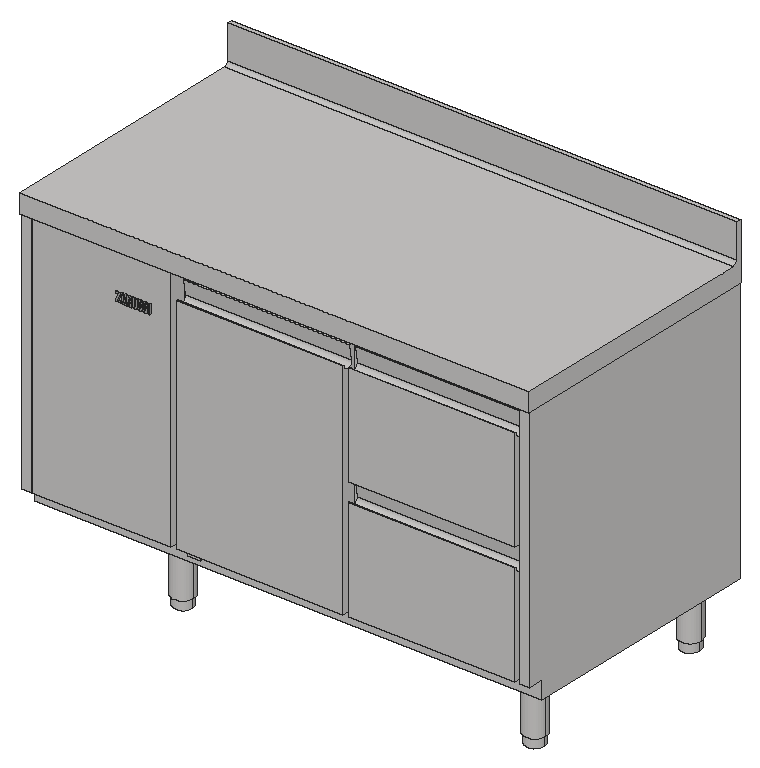
Revit family "QF_ZANUSSI_111026_ZH2H3AB", category Specialty Equipment, Revit 2018 (continued)
Definition of nested family "ZAN_Cooling Unit"
  Lines and regions (mm)
    Split face 123
      outline origin (55.016, 2, -221.122) x (0, 0, 1) y (-1, 0, 0)
        loop
          arc (502.647, 116.535) -> (506.648, 112.533) -> (510.649, 116.535) r 4.001
          line (510.649, 116.535) -> (510.649, 158.547)
    Split face 124
      outline origin (55.016, 2, -233.126) x (0, 0, 1) y (-1, 0, 0)
        loop
          arc (510.649, 158.547) -> (506.648, 162.548) -> (502.647, 158.547) r 4.001
          line (502.647, 158.547) -> (502.647, 116.535)
          arc (502.647, 116.535) -> (506.648, 112.533) -> (510.649, 116.535) r 4.001
          line (510.649, 116.535) -> (510.649, 158.547)
    Split face 125
      outline origin (55.016, 2, -245.129) x (0, 0, 1) y (-1, 0, 0)
        loop
          arc (510.649, 158.547) -> (506.648, 162.548) -> (502.647, 158.547) r 4.001
          line (502.647, 158.547) -> (502.647, 116.535)
          arc (502.647, 116.535) -> (506.648, 112.533) -> (510.649, 116.535) r 4.001
          line (510.649, 116.535) -> (510.649, 158.547)
    Split face 126
      outline origin (55.016, 2, -257.133) x (0, 0, 1) y (-1, 0, 0)
        loop
          arc (510.649, 158.547) -> (506.648, 162.548) -> (502.647, 158.547) r 4.001
          line (502.647, 158.547) -> (502.647, 116.535)
          arc (502.647, 116.535) -> (506.648, 112.533) -> (510.649, 116.535) r 4.001
          line (510.649, 116.535) -> (510.649, 158.547)
    Split face 127
      outline origin (55.016, 2, -269.136) x (0, 0, 1) y (-1, 0, 0)
        loop
          arc (510.649, 158.547) -> (506.648, 162.548) -> (502.647, 158.547) r 4.001
          line (502.647, 158.547) -> (502.647, 116.535)
          arc (502.647, 116.535) -> (506.648, 112.533) -> (510.649, 116.535) r 4.001
          line (510.649, 116.535) -> (510.649, 158.547)
    Split face 128
      outline origin (55.016, 2, -281.14) x (0, 0, 1) y (-1, 0, 0)
        loop
          arc (510.649, 158.547) -> (506.648, 162.548) -> (502.647, 158.547) r 4.001
          line (502.647, 158.547) -> (502.647, 116.535)
          arc (502.647, 116.535) -> (506.648, 112.533) -> (510.649, 116.535) r 4.001
          line (510.649, 116.535) -> (510.649, 158.547)
    Split face 129
      outline origin (55.016, 2, -293.144) x (0, 0, 1) y (-1, 0, 0)
        loop
          arc (510.649, 158.547) -> (506.648, 162.548) -> (502.647, 158.547) r 4.001
          line (502.647, 158.547) -> (502.647, 116.535)
          arc (502.647, 116.535) -> (506.648, 112.533) -> (510.649, 116.535) r 4.001
          line (510.649, 116.535) -> (510.649, 158.547)
    Split face 130
      outline origin (110.032, 2, -113.091) x (0, 0, 1) y (-1, 0, 0)
        loop
          arc (510.649, 158.547) -> (506.648, 162.548) -> (502.647, 158.547) r 4.001
          line (502.647, 158.547) -> (502.647, 116.535)
          arc (502.647, 116.535) -> (506.648, 112.533) -> (510.649, 116.535) r 4.001
          line (510.649, 116.535) -> (510.649, 158.547)
    Split face 131
      outline origin (110.032, 2, -125.094) x (0, 0, 1) y (-1, 0, 0)
        loop
          arc (510.649, 158.547) -> (506.648, 162.548) -> (502.647, 158.547) r 4.001
          line (502.647, 158.547) -> (502.647, 116.535)
          arc (502.647, 116.535) -> (506.648, 112.533) -> (510.649, 116.535) r 4.001
          line (510.649, 116.535) -> (510.649, 158.547)
    Split face 132
      outline origin (110.032, 2, -137.098) x (0, 0, 1) y (-1, 0, 0)
        loop
          arc (510.649, 158.547) -> (506.648, 162.548) -> (502.647, 158.547) r 4.001
          line (502.647, 158.547) -> (502.647, 116.535)
          arc (502.647, 116.535) -> (506.648, 112.533) -> (510.649, 116.535) r 4.001
          line (510.649, 116.535) -> (510.649, 158.547)
    Split face 133
      outline origin (110.032, 2, -149.101) x (0, 0, 1) y (-1, 0, 0)
        loop
          arc (510.649, 158.547) -> (506.648, 162.548) -> (502.647, 158.547) r 4.001
          line (502.647, 158.547) -> (502.647, 116.535)
          arc (502.647, 116.535) -> (506.648, 112.533) -> (510.649, 116.535) r 4.001
          line (510.649, 116.535) -> (510.649, 158.547)
    Split face 134
      outline origin (110.032, 2, -161.105) x (0, 0, 1) y (-1, 0, 0)
        loop
          arc (510.649, 158.547) -> (506.648, 162.548) -> (502.647, 158.547) r 4.001
          line (502.647, 158.547) -> (502.647, 116.535)
          arc (502.647, 116.535) -> (506.648, 112.533) -> (510.649, 116.535) r 4.001
          line (510.649, 116.535) -> (510.649, 158.547)
    Split face 135
      outline origin (110.032, 2, -173.108) x (0, 0, 1) y (-1, 0, 0)
        loop
          arc (510.649, 158.547) -> (506.648, 162.548) -> (502.647, 158.547) r 4.001
          line (502.647, 158.547) -> (502.647, 116.535)
          arc (502.647, 116.535) -> (506.648, 112.533) -> (510.649, 116.535) r 4.001
          line (510.649, 116.535) -> (510.649, 158.547)
    Split face 136
      outline origin (110.032, 2, -185.112) x (0, 0, 1) y (-1, 0, 0)
        loop
          arc (510.649, 158.547) -> (506.648, 162.548) -> (502.647, 158.547) r 4.001
          line (502.647, 158.547) -> (502.647, 116.535)
          arc (502.647, 116.535) -> (506.648, 112.533) -> (510.649, 116.535) r 4.001
          line (510.649, 116.535) -> (510.649, 158.547)
    Split face 137
      outline origin (110.032, 2, -197.115) x (0, 0, 1) y (-1, 0, 0)
        loop
          arc (510.649, 158.547) -> (506.648, 162.548) -> (502.647, 158.547) r 4.001
          line (502.647, 158.547) -> (502.647, 116.535)
          arc (502.647, 116.535) -> (506.648, 112.533) -> (510.649, 116.535) r 4.001
          line (510.649, 116.535) -> (510.649, 158.547)
    Split face 138
      outline origin (110.032, 2, -209.119) x (0, 0, 1) y (-1, 0, 0)
        loop
          arc (510.649, 158.547) -> (506.648, 162.548) -> (502.647, 158.547) r 4.001
          line (502.647, 158.547) -> (502.647, 116.535)
          arc (502.647, 116.535) -> (506.648, 112.533) -> (510.649, 116.535) r 4.001
          line (510.649, 116.535) -> (510.649, 158.547)
    Split face 139
      outline origin (110.032, 2, -221.122) x (0, 0, 1) y (-1, 0, 0)
        loop
          arc (510.649, 158.547) -> (506.648, 162.548) -> (502.647, 158.547) r 4.001
          line (502.647, 158.547) -> (502.647, 116.535)
          arc (502.647, 116.535) -> (506.648, 112.533) -> (510.649, 116.535) r 4.001
          line (510.649, 116.535) -> (510.649, 158.547)
    Split face 140
      outline origin (110.032, 2, -233.126) x (0, 0, 1) y (-1, 0, 0)
        loop
          arc (510.649, 158.547) -> (506.648, 162.548) -> (502.647, 158.547) r 4.001
          line (502.647, 158.547) -> (502.647, 116.535)
          arc (502.647, 116.535) -> (506.648, 112.533) -> (510.649, 116.535) r 4.001
          line (510.649, 116.535) -> (510.649, 158.547)
    Split face 141
      outline origin (110.032, 2, -245.129) x (0, 0, 1) y (-1, 0, 0)
        loop
          arc (510.649, 158.547) -> (506.648, 162.548) -> (502.647, 158.547) r 4.001
          line (502.647, 158.547) -> (502.647, 116.535)
          arc (502.647, 116.535) -> (506.648, 112.533) -> (510.649, 116.535) r 4.001
          line (510.649, 116.535) -> (510.649, 158.547)
    Split face 142
      outline origin (110.032, 2, -257.133) x (0, 0, 1) y (-1, 0, 0)
        loop
          arc (510.649, 158.547) -> (506.648, 162.548) -> (502.647, 158.547) r 4.001
          line (502.647, 158.547) -> (502.647, 116.535)
          arc (502.647, 116.535) -> (506.648, 112.533) -> (510.649, 116.535) r 4.001
          line (510.649, 116.535) -> (510.649, 158.547)
    Split face 143
      outline origin (110.032, 2, -269.136) x (0, 0, 1) y (-1, 0, 0)
        loop
          arc (510.649, 158.547) -> (506.648, 162.548) -> (502.647, 158.547) r 4.001
          line (502.647, 158.547) -> (502.647, 116.535)
          arc (502.647, 116.535) -> (506.648, 112.533) -> (510.649, 116.535) r 4.001
          line (510.649, 116.535) -> (510.649, 158.547)
    Split face 144
      outline origin (110.032, 2, -281.14) x (0, 0, 1) y (-1, 0, 0)
        loop
          arc (510.649, 158.547) -> (506.648, 162.548) -> (502.647, 158.547) r 4.001
          line (502.647, 158.547) -> (502.647, 116.535)
          arc (502.647, 116.535) -> (506.648, 112.533) -> (510.649, 116.535) r 4.001
          line (510.649, 116.535) -> (510.649, 158.547)
    Split face 145
      outline origin (110.032, 2, -293.144) x (0, 0, 1) y (-1, 0, 0)
        loop
          arc (510.649, 158.547) -> (506.648, 162.548) -> (502.647, 158.547) r 4.001
          line (502.647, 158.547) -> (502.647, 116.535)
          arc (502.647, 116.535) -> (506.648, 112.533) -> (510.649, 116.535) r 4.001
          line (510.649, 116.535) -> (510.649, 158.547)
    Split face 146
      outline origin (165.048, 2, -113.091) x (0, 0, 1) y (-1, 0, 0)
        loop
          arc (510.649, 158.547) -> (506.648, 162.548) -> (502.647, 158.547) r 4.001
          line (502.647, 158.547) -> (502.647, 116.535)
          arc (502.647, 116.535) -> (506.648, 112.533) -> (510.649, 116.535) r 4.001
          line (510.649, 116.535) -> (510.649, 158.547)
    Split face 147
      outline origin (165.048, 2, -125.094) x (0, 0, 1) y (-1, 0, 0)
        loop
          arc (510.649, 158.547) -> (506.648, 162.548) -> (502.647, 158.547) r 4.001
          line (502.647, 158.547) -> (502.647, 116.535)
          arc (502.647, 116.535) -> (506.648, 112.533) -> (510.649, 116.535) r 4.001
          line (510.649, 116.535) -> (510.649, 158.547)
    Split face 148
      outline origin (165.048, 2, -137.098) x (0, 0, 1) y (-1, 0, 0)
        loop
          arc (510.649, 158.547) -> (506.648, 162.548) -> (502.647, 158.547) r 4.001
          line (502.647, 158.547) -> (502.647, 116.535)
          arc (502.647, 116.535) -> (506.648, 112.533) -> (510.649, 116.535) r 4.001
          line (510.649, 116.535) -> (510.649, 158.547)
    Split face 149
      outline origin (165.048, 2, -149.101) x (0, 0, 1) y (-1, 0, 0)
        loop
          arc (510.649, 158.547) -> (506.648, 162.548) -> (502.647, 158.547) r 4.001
          line (502.647, 158.547) -> (502.647, 116.535)
          arc (502.647, 116.535) -> (506.648, 112.533) -> (510.649, 116.535) r 4.001
          line (510.649, 116.535) -> (510.649, 158.547)
    Split face 150
      outline origin (165.048, 2, -161.105) x (0, 0, 1) y (-1, 0, 0)
        loop
          arc (510.649, 158.547) -> (506.648, 162.548) -> (502.647, 158.547) r 4.001
          line (502.647, 158.547) -> (502.647, 116.535)
          arc (502.647, 116.535) -> (506.648, 112.533) -> (510.649, 116.535) r 4.001
          line (510.649, 116.535) -> (510.649, 158.547)
    Split face 151
      outline origin (165.048, 2, -173.108) x (0, 0, 1) y (-1, 0, 0)
        loop
          arc (510.649, 158.547) -> (506.648, 162.548) -> (502.647, 158.547) r 4.001
          line (502.647, 158.547) -> (502.647, 116.535)
          arc (502.647, 116.535) -> (506.648, 112.533) -> (510.649, 116.535) r 4.001
          line (510.649, 116.535) -> (510.649, 158.547)
    Split face 152
      outline origin (165.048, 2, -185.112) x (0, 0, 1) y (-1, 0, 0)
        loop
          arc (510.649, 158.547) -> (506.648, 162.548) -> (502.647, 158.547) r 4.001
          line (502.647, 158.547) -> (502.647, 116.535)
          arc (502.647, 116.535) -> (506.648, 112.533) -> (510.649, 116.535) r 4.001
          line (510.649, 116.535) -> (510.649, 158.547)
    Split face 153
      outline origin (165.048, 2, -197.115) x (0, 0, 1) y (-1, 0, 0)
        loop
          arc (510.649, 158.547) -> (506.648, 162.548) -> (502.647, 158.547) r 4.001
          line (502.647, 158.547) -> (502.647, 116.535)
          arc (502.647, 116.535) -> (506.648, 112.533) -> (510.649, 116.535) r 4.001
          line (510.649, 116.535) -> (510.649, 158.547)
    Split face 154
      outline origin (165.048, 2, -209.119) x (0, 0, 1) y (-1, 0, 0)
        loop
          arc (510.649, 158.547) -> (506.648, 162.548) -> (502.647, 158.547) r 4.001
          line (502.647, 158.547) -> (502.647, 116.535)
          arc (502.647, 116.535) -> (506.648, 112.533) -> (510.649, 116.535) r 4.001
          line (510.649, 116.535) -> (510.649, 158.547)
    Split face 155
      outline origin (165.048, 2, -221.122) x (0, 0, 1) y (-1, 0, 0)
        loop
          arc (510.649, 158.547) -> (506.648, 162.548) -> (502.647, 158.547) r 4.001
          line (502.647, 158.547) -> (502.647, 116.535)
          arc (502.647, 116.535) -> (506.648, 112.533) -> (510.649, 116.535) r 4.001
          line (510.649, 116.535) -> (510.649, 158.547)
    Split face 156
      outline origin (165.048, 2, -233.126) x (0, 0, 1) y (-1, 0, 0)
        loop
          arc (510.649, 158.547) -> (506.648, 162.548) -> (502.647, 158.547) r 4.001
          line (502.647, 158.547) -> (502.647, 116.535)
          arc (502.647, 116.535) -> (506.648, 112.533) -> (510.649, 116.535) r 4.001
          line (510.649, 116.535) -> (510.649, 158.547)
    Split face 157
      outline origin (165.048, 2, -245.129) x (0, 0, 1) y (-1, 0, 0)
        loop
          arc (510.649, 158.547) -> (506.648, 162.548) -> (502.647, 158.547) r 4.001
          line (502.647, 158.547) -> (502.647, 116.535)
          arc (502.647, 116.535) -> (506.648, 112.533) -> (510.649, 116.535) r 4.001
          line (510.649, 116.535) -> (510.649, 158.547)
    Split face 158
      outline origin (165.048, 2, -257.133) x (0, 0, 1) y (-1, 0, 0)
        loop
          arc (510.649, 158.547) -> (506.648, 162.548) -> (502.647, 158.547) r 4.001
          line (502.647, 158.547) -> (502.647, 116.535)
          arc (502.647, 116.535) -> (506.648, 112.533) -> (510.649, 116.535) r 4.001
          line (510.649, 116.535) -> (510.649, 158.547)
    Split face 159
      outline origin (165.048, 2, -269.136) x (0, 0, 1) y (-1, 0, 0)
        loop
          arc (510.649, 158.547) -> (506.648, 162.548) -> (502.647, 158.547) r 4.001
          line (502.647, 158.547) -> (502.647, 116.535)
          arc (502.647, 116.535) -> (506.648, 112.533) -> (510.649, 116.535) r 4.001
          line (510.649, 116.535) -> (510.649, 158.547)
    Split face 160
      outline origin (165.048, 2, -281.14) x (0, 0, 1) y (-1, 0, 0)
        loop
          arc (510.649, 158.547) -> (506.648, 162.548) -> (502.647, 158.547) r 4.001
          line (502.647, 158.547) -> (502.647, 116.535)
          arc (502.647, 116.535) -> (506.648, 112.533) -> (510.649, 116.535) r 4.001
          line (510.649, 116.535) -> (510.649, 158.547)
    Split face 161
      outline origin (165.048, 2, -293.144) x (0, 0, 1) y (-1, 0, 0)
        loop
          arc (510.649, 158.547) -> (506.648, 162.548) -> (502.647, 158.547) r 4.001
          line (502.647, 158.547) -> (502.647, 116.535)
          arc (502.647, 116.535) -> (506.648, 112.533) -> (510.649, 116.535) r 4.001
          line (510.649, 116.535) -> (510.649, 158.547)
    Split face 162
      outline origin (220.064, 2, -113.091) x (0, 0, 1) y (-1, 0, 0)
        loop
          arc (510.649, 158.547) -> (506.648, 162.548) -> (502.647, 158.547) r 4.001
          line (502.647, 158.547) -> (502.647, 116.535)
          arc (502.647, 116.535) -> (506.648, 112.533) -> (510.649, 116.535) r 4.001
          line (510.649, 116.535) -> (510.649, 158.547)
    Split face 163
      outline origin (220.064, 2, -125.094) x (0, 0, 1) y (-1, 0, 0)
        loop
          arc (510.649, 158.547) -> (506.648, 162.548) -> (502.647, 158.547) r 4.001
          line (502.647, 158.547) -> (502.647, 116.535)
          arc (502.647, 116.535) -> (506.648, 112.533) -> (510.649, 116.535) r 4.001
          line (510.649, 116.535) -> (510.649, 158.547)
    Split face 164
      outline origin (220.064, 2, -137.098) x (0, 0, 1) y (-1, 0, 0)
        loop
          arc (510.649, 158.547) -> (506.648, 162.548) -> (502.647, 158.547) r 4.001
          line (502.647, 158.547) -> (502.647, 116.535)
          arc (502.647, 116.535) -> (506.648, 112.533) -> (510.649, 116.535) r 4.001
          line (510.649, 116.535) -> (510.649, 158.547)
    Split face 165
      outline origin (220.064, 2, -149.101) x (0, 0, 1) y (-1, 0, 0)
        loop
          arc (510.649, 158.547) -> (506.648, 162.548) -> (502.647, 158.547) r 4.001
          line (502.647, 158.547) -> (502.647, 116.535)
          arc (502.647, 116.535) -> (506.648, 112.533) -> (510.649, 116.535) r 4.001
          line (510.649, 116.535) -> (510.649, 158.547)
    Split face 166
      outline origin (220.064, 2, -161.105) x (0, 0, 1) y (-1, 0, 0)
        loop
          arc (510.649, 158.547) -> (506.648, 162.548) -> (502.647, 158.547) r 4.001
          line (502.647, 158.547) -> (502.647, 116.535)
          arc (502.647, 116.535) -> (506.648, 112.533) -> (510.649, 116.535) r 4.001
          line (510.649, 116.535) -> (510.649, 158.547)
    Split face 167
      outline origin (220.064, 2, -173.108) x (0, 0, 1) y (-1, 0, 0)
        loop
          arc (510.649, 158.547) -> (506.648, 162.548) -> (502.647, 158.547) r 4.001
          line (502.647, 158.547) -> (502.647, 116.535)
          arc (502.647, 116.535) -> (506.648, 112.533) -> (510.649, 116.535) r 4.001
          line (510.649, 116.535) -> (510.649, 158.547)
    Split face 168
      outline origin (220.064, 2, -185.112) x (0, 0, 1) y (-1, 0, 0)
        loop
          arc (510.649, 158.547) -> (506.648, 162.548) -> (502.647, 158.547) r 4.001
          line (502.647, 158.547) -> (502.647, 116.535)
          arc (502.647, 116.535) -> (506.648, 112.533) -> (510.649, 116.535) r 4.001
          line (510.649, 116.535) -> (510.649, 158.547)
    Split face 169
      outline origin (220.064, 2, -197.115) x (0, 0, 1) y (-1, 0, 0)
        loop
          arc (510.649, 158.547) -> (506.648, 162.548) -> (502.647, 158.547) r 4.001
          line (502.647, 158.547) -> (502.647, 116.535)
          arc (502.647, 116.535) -> (506.648, 112.533) -> (510.649, 116.535) r 4.001
          line (510.649, 116.535) -> (510.649, 158.547)
    Split face 170
      outline origin (220.064, 2, -209.119) x (0, 0, 1) y (-1, 0, 0)
        loop
          arc (510.649, 158.547) -> (506.648, 162.548) -> (502.647, 158.547) r 4.001
          line (502.647, 158.547) -> (502.647, 116.535)
          arc (502.647, 116.535) -> (506.648, 112.533) -> (510.649, 116.535) r 4.001
          line (510.649, 116.535) -> (510.649, 158.547)
    Split face 171
      outline origin (220.064, 2, -221.122) x (0, 0, 1) y (-1, 0, 0)
        loop
          arc (510.649, 158.547) -> (506.648, 162.548) -> (502.647, 158.547) r 4.001
          line (502.647, 158.547) -> (502.647, 116.535)
          arc (502.647, 116.535) -> (506.648, 112.533) -> (510.649, 116.535) r 4.001
          line (510.649, 116.535) -> (510.649, 158.547)
    Split face 172
      outline origin (220.064, 2, -233.126) x (0, 0, 1) y (-1, 0, 0)
        loop
          arc (510.649, 158.547) -> (506.648, 162.548) -> (502.647, 158.547) r 4.001
          line (502.647, 158.547) -> (502.647, 116.535)
          arc (502.647, 116.535) -> (506.648, 112.533) -> (510.649, 116.535) r 4.001
          line (510.649, 116.535) -> (510.649, 158.547)
    Split face 173
      outline origin (220.064, 2, -245.129) x (0, 0, 1) y (-1, 0, 0)
        loop
          arc (510.649, 158.547) -> (506.648, 162.548) -> (502.647, 158.547) r 4.001
          line (502.647, 158.547) -> (502.647, 116.535)
          arc (502.647, 116.535) -> (506.648, 112.533) -> (510.649, 116.535) r 4.001
          line (510.649, 116.535) -> (510.649, 158.547)
    Split face 174
      outline origin (220.064, 2, -257.133) x (0, 0, 1) y (-1, 0, 0)
        loop
          arc (510.649, 158.547) -> (506.648, 162.548) -> (502.647, 158.547) r 4.001
          line (502.647, 158.547) -> (502.647, 116.535)
          arc (502.647, 116.535) -> (506.648, 112.533) -> (510.649, 116.535) r 4.001
          line (510.649, 116.535) -> (510.649, 158.547)
    Split face 175
      outline origin (220.064, 2, -269.136) x (0, 0, 1) y (-1, 0, 0)
        loop
          arc (510.649, 158.547) -> (506.648, 162.548) -> (502.647, 158.547) r 4.001
          line (502.647, 158.547) -> (502.647, 116.535)
          arc (502.647, 116.535) -> (506.648, 112.533) -> (510.649, 116.535) r 4.001
          line (510.649, 116.535) -> (510.649, 158.547)
    Split face 176
      outline origin (220.064, 2, -281.14) x (0, 0, 1) y (-1, 0, 0)
        loop
          arc (510.649, 158.547) -> (506.648, 162.548) -> (502.647, 158.547) r 4.001
          line (502.647, 158.547) -> (502.647, 116.535)
          arc (502.647, 116.535) -> (506.648, 112.533) -> (510.649, 116.535) r 4.001
          line (510.649, 116.535) -> (510.649, 158.547)
    Split face 177
      outline origin (220.064, 2, -293.144) x (0, 0, 1) y (-1, 0, 0)
        loop
          arc (510.649, 158.547) -> (506.648, 162.548) -> (502.647, 158.547) r 4.001
          line (502.647, 158.547) -> (502.647, 116.535)
          arc (502.647, 116.535) -> (506.648, 112.533) -> (510.649, 116.535) r 4.001
          line (510.649, 116.535) -> (510.649, 158.547)
    Split face 178
      outline origin (275.081, 2, -113.091) x (0, 0, 1) y (-1, 0, 0)
        loop
          arc (510.649, 158.547) -> (506.648, 162.548) -> (502.647, 158.547) r 4.001
          line (502.647, 158.547) -> (502.647, 116.535)
          arc (502.647, 116.535) -> (506.648, 112.533) -> (510.649, 116.535) r 4.001
          line (510.649, 116.535) -> (510.649, 158.547)
    Split face 179
      outline origin (275.081, 2, -125.094) x (0, 0, 1) y (-1, 0, 0)
        loop
          arc (510.649, 158.547) -> (506.648, 162.548) -> (502.647, 158.547) r 4.001
          line (502.647, 158.547) -> (502.647, 116.535)
          arc (502.647, 116.535) -> (506.648, 112.533) -> (510.649, 116.535) r 4.001
          line (510.649, 116.535) -> (510.649, 158.547)
    Split face 180
      outline origin (275.081, 2, -137.098) x (0, 0, 1) y (-1, 0, 0)
        loop
          arc (510.649, 158.547) -> (506.648, 162.548) -> (502.647, 158.547) r 4.001
          line (502.647, 158.547) -> (502.647, 116.535)
          arc (502.647, 116.535) -> (506.648, 112.533) -> (510.649, 116.535) r 4.001
          line (510.649, 116.535) -> (510.649, 158.547)
    Split face 181
      outline origin (275.081, 2, -149.101) x (0, 0, 1) y (-1, 0, 0)
        loop
          arc (510.649, 158.547) -> (506.648, 162.548) -> (502.647, 158.547) r 4.001
          line (502.647, 158.547) -> (502.647, 116.535)
          arc (502.647, 116.535) -> (506.648, 112.533) -> (510.649, 116.535) r 4.001
          line (510.649, 116.535) -> (510.649, 158.547)
    Split face 182
      outline origin (275.081, 2, -161.105) x (0, 0, 1) y (-1, 0, 0)
        loop
          arc (510.649, 158.547) -> (506.648, 162.548) -> (502.647, 158.547) r 4.001
          line (502.647, 158.547) -> (502.647, 116.535)
          arc (502.647, 116.535) -> (506.648, 112.533) -> (510.649, 116.535) r 4.001
          line (510.649, 116.535) -> (510.649, 158.547)
    Split face 183
      outline origin (275.081, 2, -173.108) x (0, 0, 1) y (-1, 0, 0)
        loop
          arc (510.649, 158.547) -> (506.648, 162.548) -> (502.647, 158.547) r 4.001
          line (502.647, 158.547) -> (502.647, 116.535)
          arc (502.647, 116.535) -> (506.648, 112.533) -> (510.649, 116.535) r 4.001
          line (510.649, 116.535) -> (510.649, 158.547)
    Split face 184
      outline origin (275.081, 2, -185.112) x (0, 0, 1) y (-1, 0, 0)
        loop
          arc (510.649, 158.547) -> (506.648, 162.548) -> (502.647, 158.547) r 4.001
          line (502.647, 158.547) -> (502.647, 116.535)
          arc (502.647, 116.535) -> (506.648, 112.533) -> (510.649, 116.535) r 4.001
          line (510.649, 116.535) -> (510.649, 158.547)
    Split face 185
      outline origin (275.081, 2, -197.115) x (0, 0, 1) y (-1, 0, 0)
        loop
          arc (510.649, 158.547) -> (506.648, 162.548) -> (502.647, 158.547) r 4.001
          line (502.647, 158.547) -> (502.647, 116.535)
          arc (502.647, 116.535) -> (506.648, 112.533) -> (510.649, 116.535) r 4.001
          line (510.649, 116.535) -> (510.649, 158.547)
    Split face 186
      outline origin (275.081, 2, -209.119) x (0, 0, 1) y (-1, 0, 0)
        loop
          arc (510.649, 158.547) -> (506.648, 162.548) -> (502.647, 158.547) r 4.001
          line (502.647, 158.547) -> (502.647, 116.535)
          arc (502.647, 116.535) -> (506.648, 112.533) -> (510.649, 116.535) r 4.001
          line (510.649, 116.535) -> (510.649, 158.547)
    Split face 187
      outline origin (275.081, 2, -221.122) x (0, 0, 1) y (-1, 0, 0)
        loop
          arc (510.649, 158.547) -> (506.648, 162.548) -> (502.647, 158.547) r 4.001
          line (502.647, 158.547) -> (502.647, 116.535)
          arc (502.647, 116.535) -> (506.648, 112.533) -> (510.649, 116.535) r 4.001
          line (510.649, 116.535) -> (510.649, 158.547)
    Split face 188
      outline origin (275.081, 2, -233.126) x (0, 0, 1) y (-1, 0, 0)
        loop
          arc (510.649, 158.547) -> (506.648, 162.548) -> (502.647, 158.547) r 4.001
          line (502.647, 158.547) -> (502.647, 116.535)
          arc (502.647, 116.535) -> (506.648, 112.533) -> (510.649, 116.535) r 4.001
          line (510.649, 116.535) -> (510.649, 158.547)
    Split face 189
      outline origin (275.081, 2, -245.129) x (0, 0, 1) y (-1, 0, 0)
        loop
          arc (510.649, 158.547) -> (506.648, 162.548) -> (502.647, 158.547) r 4.001
          line (502.647, 158.547) -> (502.647, 116.535)
          arc (502.647, 116.535) -> (506.648, 112.533) -> (510.649, 116.535) r 4.001
          line (510.649, 116.535) -> (510.649, 158.547)
    Split face 190
      outline origin (275.081, 2, -257.133) x (0, 0, 1) y (-1, 0, 0)
        loop
          arc (510.649, 158.547) -> (506.648, 162.548) -> (502.647, 158.547) r 4.001
          line (502.647, 158.547) -> (502.647, 116.535)
          arc (502.647, 116.535) -> (506.648, 112.533) -> (510.649, 116.535) r 4.001
          line (510.649, 116.535) -> (510.649, 158.547)
    Split face 191
      outline origin (275.081, 2, -269.136) x (0, 0, 1) y (-1, 0, 0)
        loop
          arc (510.649, 158.547) -> (506.648, 162.548) -> (502.647, 158.547) r 4.001
          line (502.647, 158.547) -> (502.647, 116.535)
          arc (502.647, 116.535) -> (506.648, 112.533) -> (510.649, 116.535) r 4.001
          line (510.649, 116.535) -> (510.649, 158.547)
    Split face 192
      outline origin (275.081, 2, -281.14) x (0, 0, 1) y (-1, 0, 0)
        loop
          arc (510.649, 158.547) -> (506.648, 162.548) -> (502.647, 158.547) r 4.001
          line (502.647, 158.547) -> (502.647, 116.535)
          arc (502.647, 116.535) -> (506.648, 112.533) -> (510.649, 116.535) r 4.001
          line (510.649, 116.535) -> (510.649, 158.547)
    Split face 193
      outline origin (275.081, 2, -293.144) x (0, 0, 1) y (-1, 0, 0)
        loop
          arc (510.649, 158.547) -> (506.648, 162.548) -> (502.647, 158.547) r 4.001
          line (502.647, 158.547) -> (502.647, 116.535)
          arc (502.647, 116.535) -> (506.648, 112.533) -> (510.649, 116.535) r 4.001
          line (510.649, 116.535) -> (510.649, 158.547)
    Split face 194
      outline origin (0, 2, 197) x (0, 0, 1) y (-1, 0, 0)
        loop
          spline (566.835, 20.381) -> (564.628, 19.058) -> (561.987, 18.027) -> (558.955, 17.386) -> (555.581, 17.244) -> (551.912, 17.703) -> (547.993, 18.863) -> (543.871, 20.83) -> (539.591, 23.706) -> (535.202, 27.594) -> (530.748, 32.597) -> (526.28, 38.824) -> (521.835, 46.362)
        loop
          spline (521.835, 58.392) -> (525.386, 49.242) -> (529.197, 41.481) -> (533.2, 35.023) -> (537.329, 29.786) -> (541.516, 25.684) -> (545.695, 22.634) -> (549.798, 20.552) -> (553.759, 19.355) -> (557.511, 18.958) -> (560.984, 19.275) -> (564.115, 20.227) -> (566.835, 21.726)
    Split face 195
      outline origin (0, 2, 197) x (0, 0, 1) y (-1, 0, 0)
        loop
          line (555.835, 149.5) -> (532.835, 149.5) -> (532.835, 94.5) -> (555.835, 94.5) -> (555.835, 149.5)
  Dimensions and locks
    aligned and locked: level to plane 2
  Nested families
    nested 1: "ZAN_Logo_S_Grey" at (85, 2, 741.213) x (1, 0, 0) z (0, -1, 0), visible <- "Show Logo", type "ZAN_Logo_S_Grey"
  Definition of nested family "ZAN_Logo_S_Grey"
    Parameters
      Default Elevation = 0 mm
    Reference planes
      plane 1 "Centro (Fronte/Retro)": y = 0
      plane 2: z = 0
      plane 3 "Centro (Sinistra/Destra)": x = 0
    Forms (mm)
      Extrusion 1, solid
        sketch origin (0, 0, 0) x (1, 0, 0) y (0, 1, 0)
          loop
            line (-1219.2, 1219.2) -> (-1219.2, -1219.2) -> (1219.2, -1219.2) -> (1219.2, 1219.2) -> (-1219.2, 1219.2)
        from 0 to -304.8
      Extrusion 2, solid
        sketch origin (17.793, -46.218, 0) x (-1, 0, 0) y (0, -1, 0)
          loop
            spline (-4.176, -58.079) -> (-3.496, -58.328) -> (-2.793, -58.512) -> (-2.075, -58.63) -> (-1.348, -58.682) -> (-0.619, -58.669) -> (0.106, -58.588) -> (0.818, -58.44) -> (1.512, -58.225) -> (2.18, -57.941) -> (2.817, -57.589) -> (3.414, -57.167) -> (3.966, -56.676)
            spline (3.966, -56.676) -> (4.293, -56.162) -> (4.575, -55.61) -> (4.81, -55.026) -> (5, -54.419) -> (5.146, -53.797) -> (5.247, -53.166) -> (5.304, -52.536) -> (5.318, -51.913) -> (5.288, -51.306) -> (5.217, -50.723) -> (5.103, -50.17) -> (4.949, -49.657)
            line (4.949, -49.657) -> (2.702, -46.428) -> (0.316, -44.323)
            spline (0.316, -44.323) -> (0.065, -44.115) -> (-0.195, -43.909) -> (-0.46, -43.704) -> (-0.729, -43.496) -> (-0.997, -43.282) -> (-1.263, -43.059) -> (-1.523, -42.825) -> (-1.774, -42.576) -> (-2.013, -42.309) -> (-2.238, -42.022) -> (-2.445, -41.712) -> (-2.632, -41.375)
            spline (-2.632, -41.375) -> (-2.666, -41.159) -> (-2.697, -40.934) -> (-2.722, -40.701) -> (-2.736, -40.465) -> (-2.736, -40.227) -> (-2.72, -39.989) -> (-2.682, -39.754) -> (-2.621, -39.524) -> (-2.533, -39.302) -> (-2.414, -39.091) -> (-2.261, -38.892) -> (-2.07, -38.708)
            line (-2.07, -38.708) -> (-0.245, -38.567)
            spline (-0.245, -38.567) -> (0.096, -38.8) -> (0.354, -39.074) -> (0.54, -39.381) -> (0.664, -39.716) -> (0.738, -40.073) -> (0.772, -40.445) -> (0.777, -40.825) -> (0.763, -41.208) -> (0.742, -41.588) -> (0.723, -41.957) -> (0.718, -42.309) -> (0.737, -42.638)
            line (0.737, -42.638) -> (5.65, -42.638)
            spline (5.65, -42.638) -> (5.708, -42.042) -> (5.741, -41.448) -> (5.747, -40.857) -> (5.723, -40.273) -> (5.668, -39.696) -> (5.58, -39.129) -> (5.457, -38.574) -> (5.297, -38.032) -> (5.098, -37.506) -> (4.857, -36.997) -> (4.574, -36.508) -> (4.247, -36.041)
            spline (4.247, -36.041) -> (3.844, -35.675) -> (3.409, -35.35) -> (2.946, -35.065) -> (2.458, -34.819) -> (1.949, -34.612) -> (1.421, -34.444) -> (0.88, -34.314) -> (0.326, -34.221) -> (-0.234, -34.165) -> (-0.8, -34.146) -> (-1.366, -34.163) -> (-1.93, -34.216)
            spline (-1.93, -34.216) -> (-2.526, -34.309) -> (-3.116, -34.448) -> (-3.695, -34.633) -> (-4.259, -34.861) -> (-4.801, -35.131) -> (-5.316, -35.444) -> (-5.799, -35.798) -> (-6.245, -36.191) -> (-6.648, -36.624) -> (-7.002, -37.095) -> (-7.303, -37.603) -> (-7.545, -38.146)
            spline (-7.545, -38.146) -> (-7.694, -38.815) -> (-7.792, -39.487) -> (-7.839, -40.158) -> (-7.836, -40.824) -> (-7.785, -41.482) -> (-7.685, -42.129) -> (-7.539, -42.762) -> (-7.347, -43.377) -> (-7.111, -43.97) -> (-6.83, -44.538) -> (-6.506, -45.078) -> (-6.141, -45.586)
            line (-6.141, -45.586) -> (-0.526, -50.64) -> (0.176, -51.482)
            spline (0.176, -51.482) -> (0.248, -51.66) -> (0.323, -51.843) -> (0.397, -52.03) -> (0.467, -52.22) -> (0.529, -52.412) -> (0.579, -52.605) -> (0.615, -52.798) -> (0.633, -52.989) -> (0.63, -53.179) -> (0.601, -53.366) -> (0.545, -53.55) -> (0.456, -53.728)
            spline (0.456, -53.728) -> (0.375, -53.892) -> (0.273, -54.034) -> (0.154, -54.155) -> (0.02, -54.258) -> (-0.126, -54.343) -> (-0.28, -54.412) -> (-0.441, -54.466) -> (-0.604, -54.508) -> (-0.767, -54.537) -> (-0.928, -54.556) -> (-1.082, -54.567) -> (-1.228, -54.57)
            line (-1.228, -54.57) -> (-2.632, -53.587) -> (-2.772, -50.64) -> (-7.405, -50.64)
            spline (-7.405, -50.64) -> (-7.41, -51.031) -> (-7.423, -51.432) -> (-7.44, -51.839) -> (-7.456, -52.251) -> (-7.469, -52.665) -> (-7.475, -53.079) -> (-7.468, -53.489) -> (-7.446, -53.894) -> (-7.404, -54.291) -> (-7.339, -54.679) -> (-7.247, -55.053) -> (-7.123, -55.412)
            spline (-7.123, -55.412) -> (-6.999, -55.693) -> (-6.837, -55.97) -> (-6.643, -56.244) -> (-6.422, -56.509) -> (-6.177, -56.765) -> (-5.913, -57.009) -> (-5.634, -57.238) -> (-5.346, -57.45) -> (-5.051, -57.643) -> (-4.755, -57.814) -> (-4.462, -57.96) -> (-4.176, -58.079)
          loop
            spline (-21.021, -55.552) -> (-20.633, -56.181) -> (-20.177, -56.736) -> (-19.661, -57.217) -> (-19.092, -57.627) -> (-18.478, -57.966) -> (-17.827, -58.237) -> (-17.147, -58.441) -> (-16.446, -58.578) -> (-15.73, -58.652) -> (-15.009, -58.662) -> (-14.29, -58.611) -> (-13.581, -58.5)
            spline (-13.581, -58.5) -> (-13.088, -58.407) -> (-12.595, -58.269) -> (-12.109, -58.088) -> (-11.636, -57.866) -> (-11.183, -57.605) -> (-10.756, -57.307) -> (-10.361, -56.974) -> (-10.004, -56.608) -> (-9.692, -56.211) -> (-9.431, -55.784) -> (-9.228, -55.33) -> (-9.089, -54.851)
            spline (-9.089, -54.851) -> (-8.873, -54.211) -> (-8.715, -53.559) -> (-8.615, -52.901) -> (-8.574, -52.241) -> (-8.592, -51.585) -> (-8.668, -50.938) -> (-8.802, -50.306) -> (-8.995, -49.693) -> (-9.247, -49.106) -> (-9.557, -48.55) -> (-9.925, -48.03) -> (-10.352, -47.551)
            line (-10.352, -47.551) -> (-15.546, -42.919) -> (-16.669, -41.234)
            spline (-16.669, -41.234) -> (-16.704, -41.021) -> (-16.735, -40.804) -> (-16.761, -40.583) -> (-16.778, -40.361) -> (-16.784, -40.139) -> (-16.774, -39.919) -> (-16.748, -39.701) -> (-16.7, -39.488) -> (-16.63, -39.28) -> (-16.533, -39.08) -> (-16.406, -38.889) -> (-16.248, -38.708)
            line (-16.248, -38.708) -> (-14.844, -38.427)
            spline (-14.844, -38.427) -> (-14.347, -38.545) -> (-13.969, -38.749) -> (-13.695, -39.028) -> (-13.508, -39.368) -> (-13.393, -39.757) -> (-13.335, -40.182) -> (-13.318, -40.63) -> (-13.326, -41.089) -> (-13.344, -41.546) -> (-13.356, -41.988) -> (-13.347, -42.403) -> (-13.3, -42.779)
            line (-13.3, -42.779) -> (-8.387, -42.638)
            spline (-8.387, -42.638) -> (-8.326, -42.034) -> (-8.288, -41.417) -> (-8.277, -40.794) -> (-8.299, -40.169) -> (-8.357, -39.548) -> (-8.457, -38.936) -> (-8.604, -38.339) -> (-8.803, -37.762) -> (-9.058, -37.21) -> (-9.375, -36.689) -> (-9.758, -36.204) -> (-10.212, -35.76)
            spline (-10.212, -35.76) -> (-10.793, -35.336) -> (-11.409, -34.976) -> (-12.054, -34.679) -> (-12.723, -34.445) -> (-13.409, -34.273) -> (-14.107, -34.163) -> (-14.811, -34.115) -> (-15.515, -34.127) -> (-16.213, -34.2) -> (-16.899, -34.333) -> (-17.568, -34.526) -> (-18.213, -34.777)
            spline (-18.213, -34.777) -> (-18.496, -34.897) -> (-18.783, -35.044) -> (-19.071, -35.216) -> (-19.357, -35.412) -> (-19.639, -35.629) -> (-19.915, -35.865) -> (-20.182, -36.119) -> (-20.438, -36.389) -> (-20.681, -36.672) -> (-20.907, -36.967) -> (-21.115, -37.272) -> (-21.301, -37.585)
            spline (-21.301, -37.585) -> (-21.55, -38.26) -> (-21.734, -38.948) -> (-21.854, -39.647) -> (-21.91, -40.351) -> (-21.901, -41.057) -> (-21.828, -41.761) -> (-21.69, -42.459) -> (-21.489, -43.148) -> (-21.222, -43.823) -> (-20.892, -44.48) -> (-20.497, -45.116) -> (-20.038, -45.726)
            line (-20.038, -45.726) -> (-14.142, -51.061) -> (-13.44, -52.886) -> (-14.002, -54.289) -> (-15.265, -54.57) -> (-16.669, -53.587) -> (-16.81, -50.78) -> (-21.582, -50.64)
            spline (-21.582, -50.64) -> (-21.558, -51.063) -> (-21.55, -51.491) -> (-21.554, -51.92) -> (-21.561, -52.35) -> (-21.567, -52.778) -> (-21.565, -53.201) -> (-21.547, -53.619) -> (-21.509, -54.029) -> (-21.444, -54.43) -> (-21.345, -54.818) -> (-21.206, -55.193) -> (-21.021, -55.552)
          loop
            line (-22.424, -34.216) -> (-27.337, -34.216) -> (-27.337, -58.22) -> (-22.424, -58.22) -> (-22.424, -34.216)
          loop
            line (14.213, -39.971) -> (14.213, -58.22) -> (19.126, -58.22) -> (19.126, -42.077) -> (18.845, -38.146) -> (18.424, -37.164) -> (17.442, -35.9) -> (16.459, -35.199) -> (14.494, -34.356) -> (13.511, -34.216) -> (11.265, -34.216) -> (10.142, -34.497) -> (8.458, -35.479) -> (6.493, -38.287) -> (6.352, -39.269) -> (6.352, -58.22) -> (11.265, -58.22) -> (11.265, -40.392) -> (11.827, -39.129) -> (13.371, -38.988) -> (14.213, -39.971)
          loop
            line (20.249, -58.22) -> (24.741, -58.22) -> (24.741, -42.919) -> (28.812, -58.22) -> (34.006, -58.22) -> (34.006, -34.216) -> (29.654, -34.216) -> (29.654, -50.078) -> (25.583, -34.216) -> (20.249, -34.216) -> (20.249, -58.22)
          loop
            line (50.149, -58.22) -> (62.361, -58.22) -> (62.361, -53.728) -> (55.904, -53.868) -> (62.923, -39.129) -> (62.923, -34.216) -> (50.149, -34.216) -> (50.149, -39.129) -> (57.517, -39.129) -> (50.149, -54.149) -> (50.149, -58.22)
          loop
            line (38.778, -58.22) -> (45.516, -58.22) -> (49.868, -34.216) -> (44.814, -34.216) -> (44.113, -38.848) -> (40.042, -38.848) -> (39.34, -34.216) -> (34.286, -34.216) -> (38.778, -58.22)
          loop
            line (43.551, -43.2) -> (40.744, -43.2) -> (42.147, -54.117) -> (43.551, -43.2)
        from 0 to 1.644
    Dimensions and locks
      aligned and locked: plane 2 to Extrusion 1
      aligned and locked: level to Extrusion 1
Definition of nested family "Refrigerator"
  Reference planes
    plane 1 "Center (Front/Back)": y = 0
    plane 2: z = 0
    plane 3 "Center (Left/Right)": x = 0
  Lines and regions (mm)
    detail lines, in view "Ref. Level"
      curve 1: spline (-500, 190, 0) -> (-493.185, 166.706, 0) -> (-473.205, 145, 0) -> (-441.421, 126.36, 0) -> (-400, 112.058, 0) -> (-351.764, 103.067, 0) -> (-300, 100, 0) -> (-248.236, 103.067, 0) -> (-200, 112.058, 0) -> (-158.579, 126.36, 0) -> (-126.795, 145, 0) -> (-106.815, 166.706, 0) -> (-100, 190, 0) -> (-106.815, 213.294, 0) -> (-126.795, 235, 0) -> (-158.579, 253.64, 0) -> (-200, 267.942, 0) -> (-248.236, 276.933, 0) -> (-300, 280, 0) -> (-351.764, 276.933, 0) -> (-400, 267.942, 0) -> (-441.421, 253.64, 0) -> (-473.205, 235, 0) -> (-493.185, 213.294, 0) -> (-500, 190, 0)
      curve 2: line (-300, 130, 0) -> (-300, 250, 0)
      curve 3: line (-351.962, 220, 0) -> (-248.038, 160, 0)
      curve 4: line (-351.962, 160, 0) -> (-248.038, 220, 0)
      curve 5: line (-280.884, 246.873, 0) -> (-300, 225, 0)
      curve 6: line (-300, 225, 0) -> (-319.116, 246.873, 0)
      curve 7: line (-330.311, 207.5, 0) -> (-339.696, 234.992, 0)
      curve 8: line (-358.812, 201.882, 0) -> (-330.311, 207.5, 0)
      curve 9: line (-330.311, 172.5, 0) -> (-358.812, 178.118, 0)
      curve 10: line (-339.696, 145.008, 0) -> (-330.311, 172.5, 0)
      curve 11: line (-300, 155, 0) -> (-319.116, 133.127, 0)
      curve 12: line (-280.884, 133.127, 0) -> (-300, 155, 0)
      curve 13: line (-269.689, 172.5, 0) -> (-260.304, 145.008, 0)
      curve 14: line (-241.188, 178.118, 0) -> (-269.689, 172.5, 0)
      curve 15: line (-269.689, 207.5, 0) -> (-241.188, 201.882, 0)
      curve 16: line (-260.304, 234.992, 0) -> (-269.689, 207.5, 0)
